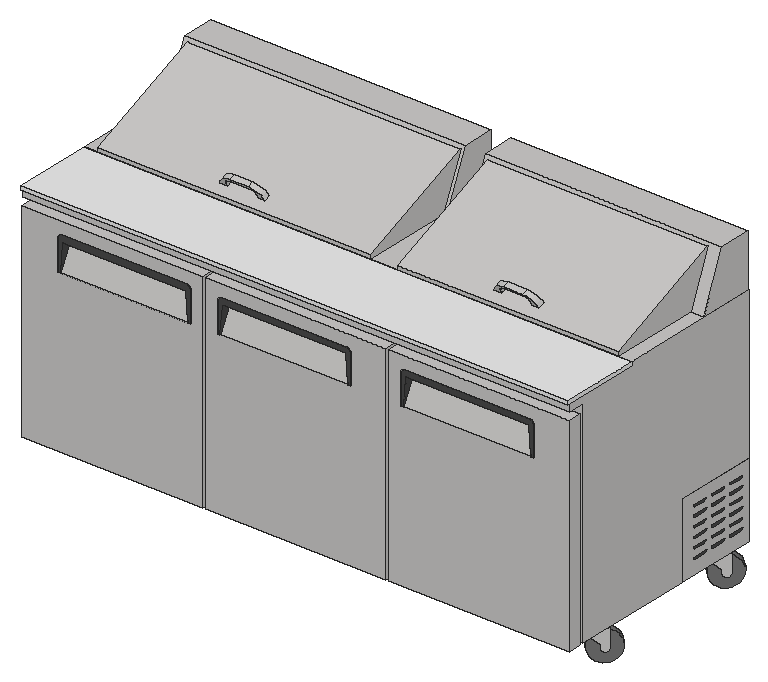
Revit family "QF_Turbo Air_MST-7266c24283-2388-4d87-8bd8-1544d90fe1c2", category Specialty Equipment, Revit 2012
Parameters
  Weight in Pounds = 374
  Watermarked By = "http://revitwatermark.com"
  Volts = 115 V
  URL Cutsheet = ""
  URL = "www.turboairinc.com"
  Status [instance] = ""
  Specification by User [instance] = ""
  Specification by Manufacturer [instance] = ""
  Serial Number [instance] = ""
  Revision Code [instance] = ""
  Phase = 1
  Number of Poles [instance] = 1
  NAFEM Spec ID Number [instance] = ""
  Model = "MST-72"
  Masterspec [instance] = ""
  Manufacturer = "Turbo Air"  # constant formula
  Legs [instance] = [6 inch Legs]  # no
  Item Number [instance] = "-"
  Installed By [instance] = ""
  HP = "1/2"
  Furnished By [instance] = ""
  Foodservice Equipment Identifier = yes
  FL Amps = 9.9 A
  Electrical Remarks [instance] = ""
  Electric Connection Type [instance] = ""
  Elec Conn RI Height [instance] = 0' - 0"
  Elec Conn Connection Height = 1' - 0"
  Description = "Sandwich/Salad Unit"
  Cycle = 60 Hz
  Conn Plug = "NEMA 5-15P"
  Casters [instance] = not(Legs)  # yes
  CasterLeg Height [instance] = if([4 inch Casters], 0' 5", if([5 inch Casters], 0' 5 3/4", if([2_5 inch Casters], 0' 3 3/8", 0' 6")))  # 0' - 5"
  CSI MasterFormat = "11 41 13"
  Assembly Code = "E1090320"
  Apparent Power = if(Phase = 3, Volts * FL Amps * 1.73, Volts * FL Amps)  # 1138.5 VA
  6 inch Legs [instance] = no
  5 inch Casters [instance] = no
  4 inch Casters [instance] = yes
  2_5 inch Casters [instance] = no
Reference planes (in)
  plane 1 "BACK": y = 0
  plane 2: z = 0
  plane 3 "LEFT": x = -20.78844
  plane 4 "Bottom": z = 5
  plane 5 "Back Stops": y = 1
  plane 6 "RIGHT": x = 51.83656
  plane 7 "Front of Lid": y = -19.375
  plane 8 "FRONT": y = -30
  plane 9 "Door Clearance": y = -51.75
  plane 10 "Back of Door": y = -27.875
  plane 11 "Front of Box": y = -27.375
  plane 12 "Counter Top": z = 35
  plane 13 "TOP": z = 42
  plane 14 "Top of Door": z = 32.5
  plane 15 "Bottom of Cutting Board": z = 34.5
  plane 16 "Lid Clearance": z = 45.5
  plane 17 "Left Lid Cover": x = -19.53844
  plane 18 "Right of Lid Cover": x = 50.58656
  plane 19 "Left of Lid": x = -19.03844
  plane 20 "Right of Lid": x = 50.08656
  plane 21: x = 3.21156
  plane 22: x = 27.83656
  plane 23: x = 27.52406
  plane 24: x = 3.52406
  plane 25: x = 17.21156
  plane 26: x = 17.71156
  plane 27: x = 20.83656
  plane 28: x = 20.33656
  plane 29: x = -0.91344
  plane 30: x = 35.46156
Forms (in)
  Extrusion 1, solid, material "QF_Finishes_Stainless Steel"
    sketch origin (-20.78844, 0, 0) x (0, 1, 0) y (0, 0, 1)
      loop
        line (0, 5) -> (0, 35) -> (-19.375, 35) -> (-19.375, 34.5) -> (-29.625, 34.5) -> (-29.625, 33.5) -> (-27.375, 33.5) -> (-27.375, 5) -> (0, 5)
    from 0 to 72.625
  Extrusion 2, solid, material "QF_Finishes_Black"
    sketch origin (0, -27.375, 0) x (1, 0, 0) y (0, 0, 1)
      loop
        line (-19.78844, 31.5) -> (-19.78844, 6) -> (2.21156, 6) -> (2.21156, 31.5) -> (-19.78844, 31.5)
      loop
        line (50.83656, 6) -> (50.83656, 31.5) -> (28.83656, 31.5) -> (28.83656, 6) -> (50.83656, 6)
      loop
        line (26.52406, 6) -> (26.52406, 31.5) -> (4.52406, 31.5) -> (4.52406, 6) -> (26.52406, 6)
    from 0 to 0.5
  Extrusion 3, solid, material "QF_Finishes_Stainless Steel"
    sketch origin (-19.53844, 0, 0) x (0, 1, 0) y (0, 0, 1)
      loop
        line (0, 35) -> (0, 42) -> (-4.25, 42) -> (-7.375, 35) -> (0, 35)
    from 0 to 37.25
  Extrusion 4, solid, material "QF_Finishes_White"
    sketch origin (0, 0, 34.5) x (0, 1, 0) y (-1, 0, 0)
      loop
        line (-19.375, 20.78844) -> (-30, 20.78844) -> (-30, -51.83656) -> (-19.375, -51.83656) -> (-19.375, 20.78844)
    from 0 to 0.5
  Extrusion 5, solid, material "QF_Finishes_Stainless Steel"
    sketch origin (-19.03844, 0, 0) x (0, 1, 0) y (0, 0, 1)
      loop
        line (-19.375, 35) -> (-7.375, 35) -> (-4.45383, 41.54343) -> (-19.375, 35.5) -> (-19.375, 35)
    from 0 to 36.25
  Extrusion 6, solid, material "QF_Finishes_Stainless Steel"
    sketch origin (-18.5, -2.56728, -1.00345) x (1, 0, 0) y (0, -0.375401, 0.926862)
      loop
        line (19.58656, 40.14331) -> (20.58656, 40.14331)
        arc (20.58656, 40.14331) -> (19.91185, 41.04872) -> (18.83656, 41.39331) r 1.85
        line (18.83656, 41.39331) -> (16.33656, 41.39331)
        arc (16.33656, 41.39331) -> (15.26127, 41.04872) -> (14.58656, 40.14331) r 1.85
        line (14.58656, 40.14331) -> (15.58656, 40.14331) -> (15.58656, 40.64331)
        arc (15.58656, 40.64331) -> (15.73301, 40.99687) -> (16.08656, 41.14331) r 0.5
        line (16.08656, 41.14331) -> (19.08656, 41.14331)
        arc (19.08656, 41.14331) -> (19.44011, 40.99687) -> (19.58656, 40.64331) r 0.5
        line (19.58656, 40.64331) -> (19.58656, 40.14331)
    from -0.375 to 0.375
  Extrusion 7, solid, material "QF_Finishes_Clearances", detail levels coarse
    sketch origin (-19.03844, 0, 0) x (0, 1, 0) y (0, 0, 1)
      loop
        arc (-9.375, 45.5) -> (-16.44607, 42.57107) -> (-19.375, 35.5) r 10
        line (-19.375, 35.5) -> (-4.45383, 41.54343) -> (-8.87792, 45.446) -> (-9.375, 45.5)
    from 0 to 36.25
  Extrusion 8, void
    sketch origin (51.83656, 0, 0) x (0, 1, 0) y (0, 0, 1)
      loop
        line (0, 5) -> (0, 15) -> (-11, 15) -> (-11, 5) -> (0, 5)
    from 0 to -1
  Extrusion 9, solid, material "QF_Finishes_Stainless Steel"
    sketch origin (51.83656, 0, 0) x (0, 1, 0) y (0, 0, 1)
      loop
        line (-10.875, 14.875) -> (-10.875, 5) -> (0, 5) -> (0, 14.875) -> (-10.875, 14.875)
      loop
        arc (-9.25, 13.5) -> (-9.10355, 13.14645) -> (-8.75, 13) r 0.5
        line (-8.75, 13) -> (-7.25, 13)
        arc (-7.25, 13) -> (-6.89645, 13.14645) -> (-6.75, 13.5) r 0.5
        line (-6.75, 13.5) -> (-9.25, 13.5)
      loop
        arc (-6.25, 13.5) -> (-6.10355, 13.14645) -> (-5.75, 13) r 0.5
        line (-5.75, 13) -> (-4.25, 13)
        arc (-4.25, 13) -> (-3.89645, 13.14645) -> (-3.75, 13.5) r 0.5
        line (-3.75, 13.5) -> (-6.25, 13.5)
      loop
        arc (-3.25, 13.5) -> (-3.10355, 13.14645) -> (-2.75, 13) r 0.5
        line (-2.75, 13) -> (-1.25, 13)
        arc (-1.25, 13) -> (-0.89645, 13.14645) -> (-0.75, 13.5) r 0.5
        line (-0.75, 13.5) -> (-3.25, 13.5)
      loop
        arc (-9.25, 12.25) -> (-9.10355, 11.89645) -> (-8.75, 11.75) r 0.5
        line (-8.75, 11.75) -> (-7.25, 11.75)
        arc (-7.25, 11.75) -> (-6.89645, 11.89645) -> (-6.75, 12.25) r 0.5
        line (-6.75, 12.25) -> (-9.25, 12.25)
      loop
        arc (-6.25, 12.25) -> (-6.10355, 11.89645) -> (-5.75, 11.75) r 0.5
        line (-5.75, 11.75) -> (-4.25, 11.75)
        arc (-4.25, 11.75) -> (-3.89645, 11.89645) -> (-3.75, 12.25) r 0.5
        line (-3.75, 12.25) -> (-6.25, 12.25)
      loop
        arc (-3.25, 12.25) -> (-3.10355, 11.89645) -> (-2.75, 11.75) r 0.5
        line (-2.75, 11.75) -> (-1.25, 11.75)
        arc (-1.25, 11.75) -> (-0.89645, 11.89645) -> (-0.75, 12.25) r 0.5
        line (-0.75, 12.25) -> (-3.25, 12.25)
      loop
        arc (-9.25, 11) -> (-9.10355, 10.64645) -> (-8.75, 10.5) r 0.5
        line (-8.75, 10.5) -> (-7.25, 10.5)
        arc (-7.25, 10.5) -> (-6.89645, 10.64645) -> (-6.75, 11) r 0.5
        line (-6.75, 11) -> (-9.25, 11)
      loop
        arc (-6.25, 11) -> (-6.10355, 10.64645) -> (-5.75, 10.5) r 0.5
        line (-5.75, 10.5) -> (-4.25, 10.5)
        arc (-4.25, 10.5) -> (-3.89645, 10.64645) -> (-3.75, 11) r 0.5
        line (-3.75, 11) -> (-6.25, 11)
      loop
        arc (-3.25, 11) -> (-3.10355, 10.64645) -> (-2.75, 10.5) r 0.5
        line (-2.75, 10.5) -> (-1.25, 10.5)
        arc (-1.25, 10.5) -> (-0.89645, 10.64645) -> (-0.75, 11) r 0.5
        line (-0.75, 11) -> (-3.25, 11)
      loop
        arc (-9.25, 9.75) -> (-9.10355, 9.39645) -> (-8.75, 9.25) r 0.5
        line (-8.75, 9.25) -> (-7.25, 9.25)
        arc (-7.25, 9.25) -> (-6.89645, 9.39645) -> (-6.75, 9.75) r 0.5
        line (-6.75, 9.75) -> (-9.25, 9.75)
      loop
        arc (-6.25, 9.75) -> (-6.10355, 9.39645) -> (-5.75, 9.25) r 0.5
        line (-5.75, 9.25) -> (-4.25, 9.25)
        arc (-4.25, 9.25) -> (-3.89645, 9.39645) -> (-3.75, 9.75) r 0.5
        line (-3.75, 9.75) -> (-6.25, 9.75)
      loop
        arc (-3.25, 9.75) -> (-3.10355, 9.39645) -> (-2.75, 9.25) r 0.5
        line (-2.75, 9.25) -> (-1.25, 9.25)
        arc (-1.25, 9.25) -> (-0.89645, 9.39645) -> (-0.75, 9.75) r 0.5
        line (-0.75, 9.75) -> (-3.25, 9.75)
      loop
        arc (-9.25, 8.5) -> (-9.10355, 8.14645) -> (-8.75, 8) r 0.5
        line (-8.75, 8) -> (-7.25, 8)
        arc (-7.25, 8) -> (-6.89645, 8.14645) -> (-6.75, 8.5) r 0.5
        line (-6.75, 8.5) -> (-9.25, 8.5)
      loop
        arc (-6.25, 8.5) -> (-6.10355, 8.14645) -> (-5.75, 8) r 0.5
        line (-5.75, 8) -> (-4.25, 8)
        arc (-4.25, 8) -> (-3.89645, 8.14645) -> (-3.75, 8.5) r 0.5
        line (-3.75, 8.5) -> (-6.25, 8.5)
      loop
        arc (-3.25, 8.5) -> (-3.10355, 8.14645) -> (-2.75, 8) r 0.5
        line (-2.75, 8) -> (-1.25, 8)
        arc (-1.25, 8) -> (-0.89645, 8.14645) -> (-0.75, 8.5) r 0.5
        line (-0.75, 8.5) -> (-3.25, 8.5)
      loop
        arc (-9.25, 7.25) -> (-9.10355, 6.89645) -> (-8.75, 6.75) r 0.5
        line (-8.75, 6.75) -> (-7.25, 6.75)
        arc (-7.25, 6.75) -> (-6.89645, 6.89645) -> (-6.75, 7.25) r 0.5
        line (-6.75, 7.25) -> (-9.25, 7.25)
      loop
        arc (-6.25, 7.25) -> (-6.10355, 6.89645) -> (-5.75, 6.75) r 0.5
        line (-5.75, 6.75) -> (-4.25, 6.75)
        arc (-4.25, 6.75) -> (-3.89645, 6.89645) -> (-3.75, 7.25) r 0.5
        line (-3.75, 7.25) -> (-6.25, 7.25)
      loop
        arc (-3.25, 7.25) -> (-3.10355, 6.89645) -> (-2.75, 6.75) r 0.5
        line (-2.75, 6.75) -> (-1.25, 6.75)
        arc (-1.25, 6.75) -> (-0.89645, 6.89645) -> (-0.75, 7.25) r 0.5
        line (-0.75, 7.25) -> (-3.25, 7.25)
    from 0 to -1
  Extrusion 10, solid, material "QF_Finishes_Black"
    sketch origin (51.83656, 0, 0) x (0, 1, 0) y (0, 0, 1)
      loop
        line (-9.875, 13.95221) -> (-9.875, 6.20221) -> (-0.375, 6.20221) -> (-0.375, 13.95221) -> (-9.875, 13.95221)
    from -0.125 to -1
  Extrusion 11, solid, material "QF_Finishes_Black"
    sketch origin (0, 0, 0) x (1, 0, 0) y (0, 0, 1)
      loop
        circle (-14.66344, 30.1875) r 0.5
      loop
        circle (45.71156, 30.1875) r 0.5
    from 0 to -1
  Extrusion 12, solid, material "QF_Finishes_Stainless Steel"
    sketch origin (0, 0, 0) x (1, 0, 0) y (0, 0, 1)
      loop
        circle (47.83656, 11.125) r 0.25
    from 0 to -0.0625
  Extrusion 13, solid, material "QF_Finishes_Stainless Steel"
    sketch origin (17.875, -2.56728, -1.00345) x (1, 0, 0) y (0, -0.375401, 0.926862)
      loop
        line (19.58656, 40.14331) -> (20.58656, 40.14331)
        arc (20.58656, 40.14331) -> (19.91185, 41.04872) -> (18.83656, 41.39331) r 1.85
        line (18.83656, 41.39331) -> (16.33656, 41.39331)
        arc (16.33656, 41.39331) -> (15.26127, 41.04872) -> (14.58656, 40.14331) r 1.85
        line (14.58656, 40.14331) -> (15.58656, 40.14331) -> (15.58656, 40.64331)
        arc (15.58656, 40.64331) -> (15.73301, 40.99687) -> (16.08656, 41.14331) r 0.5
        line (16.08656, 41.14331) -> (19.08656, 41.14331)
        arc (19.08656, 41.14331) -> (19.44011, 40.99687) -> (19.58656, 40.64331) r 0.5
        line (19.58656, 40.64331) -> (19.58656, 40.14331)
    from -0.375 to 0.375
  Extrusion 14, solid, material "QF_Finishes_Stainless Steel"
    sketch origin (50.58656, 0, 0) x (0, 1, 0) y (0, 0, 1)
      loop
        line (0, 35) -> (0, 42) -> (-4.25, 42) -> (-7.375, 35) -> (0, 35)
    from 1.18141 to -30.25
  Extrusion 15, solid, material "QF_Finishes_Stainless Steel"
    sketch origin (50.08656, 0, 0) x (0, 1, 0) y (0, 0, 1)
      loop
        line (-19.375, 35) -> (-7.375, 35) -> (-4.45383, 41.54343) -> (-19.375, 35.5) -> (-19.375, 35)
    from 0 to -29.25
  Extrusion 16, solid, material "QF_Finishes_Clearances", detail levels coarse
    sketch origin (50.08656, 0, 0) x (0, 1, 0) y (0, 0, 1)
      loop
        arc (-9.375, 45.5) -> (-16.44607, 42.57107) -> (-19.375, 35.5) r 10
        line (-19.375, 35.5) -> (-4.45383, 41.54343) -> (-8.87792, 45.446) -> (-9.375, 45.5)
    from 0 to -29.25
Cuts and joins
  Extrusion 8 cuts Extrusion 1
Lines and regions (in)
  symbolic lines
    curve 1: line (-20.78844, 0, 35) -> (51.83656, 0, 35)
    curve 2: line (-20.78844, -30, 35) -> (-20.78844, 0, 35)
    curve 3: line (51.83656, -30, 35) -> (-20.78844, -30, 35)
    curve 4: line (51.83656, 0, 35) -> (51.83656, -30, 35)
    curve 5: line (-20.78844, -19.375, 35) -> (51.83656, -19.375, 35)
    curve 6: line (45.83656, 1, 35) -> (46.83656, 1, 35)
    curve 7: line (-15.78844, 1, 35) -> (-14.78844, 1, 35)
    curve 8: line (-15.78844, 1, 35) -> (-15.78844, 0, 35)
    curve 9: line (-14.78844, 1, 35) -> (-14.78844, 0, 35)
    curve 10: line (45.83656, 1, 35) -> (45.83656, 0, 35)
    curve 11: line (46.83656, 1, 35) -> (46.83656, 0, 35)
    curve 12: line (-2.91344, -17.28956, 35) -> (-3.91344, -17.28956, 35)
    curve 13: line (-3.91344, -17.28956, 35) -> (-3.91344, -17.98471, 35)
    curve 14: line (-2.91344, -17.47726, 35) -> (-2.91344, -17.28956, 35)
    curve 15: line (0.33656, -18.45396, 35) -> (-2.16344, -18.45396, 35)
    curve 16: line (0.58656, -17.66496, 35) -> (-2.41344, -17.66496, 35)
    curve 17: line (1.08656, -17.28956, 35) -> (1.08656, -17.47726, 35)
    curve 18: line (2.08656, -17.28956, 35) -> (1.08656, -17.28956, 35)
    curve 19: line (2.08656, -17.98471, 35) -> (2.08656, -17.28956, 35)
    curve 20: spline (2.08656, -17.98471, 35) -> (2.0153, -18.0513, 35) -> (1.92612, -18.11477, 35) -> (1.81997, -18.17445, 35) -> (1.69798, -18.2297, 35) -> (1.56145, -18.27993, 35) -> (1.41185, -18.3246, 35) -> (1.25077, -18.36324, 35) -> (1.07992, -18.39543, 35) -> (0.90114, -18.42083, 35) -> (0.71633, -18.43917, 35) -> (0.52746, -18.45025, 35) -> (0.33656, -18.45396, 35)
    curve 21: spline (-2.41344, -17.66496, 35) -> (-2.4787, -17.66336, 35) -> (-2.54285, -17.65857, 35) -> (-2.60478, -17.65067, 35) -> (-2.66344, -17.63981, 35) -> (-2.71782, -17.62617, 35) -> (-2.76699, -17.60998, 35) -> (-2.81012, -17.59153, 35) -> (-2.84645, -17.57111, 35) -> (-2.87538, -17.54909, 35) -> (-2.8964, -17.52584, 35) -> (-2.90916, -17.50176, 35) -> (-2.91344, -17.47726, 35)
    curve 22: spline (1.08656, -17.47726, 35) -> (1.08228, -17.50176, 35) -> (1.06952, -17.52584, 35) -> (1.0485, -17.54909, 35) -> (1.01957, -17.57111, 35) -> (0.98324, -17.59153, 35) -> (0.94011, -17.60998, 35) -> (0.89094, -17.62617, 35) -> (0.83656, -17.63981, 35) -> (0.7779, -17.65067, 35) -> (0.71597, -17.65857, 35) -> (0.65182, -17.66336, 35) -> (0.58656, -17.66496, 35)
    curve 23: spline (-2.16344, -18.45396, 35) -> (-2.35434, -18.45025, 35) -> (-2.54321, -18.43917, 35) -> (-2.72802, -18.42083, 35) -> (-2.9068, -18.39543, 35) -> (-3.07765, -18.36324, 35) -> (-3.23873, -18.3246, 35) -> (-3.38833, -18.27993, 35) -> (-3.52486, -18.2297, 35) -> (-3.64685, -18.17445, 35) -> (-3.753, -18.11477, 35) -> (-3.84218, -18.0513, 35) -> (-3.91344, -17.98471, 35)
    curve 40: line (-19.53844, 0, 35) -> (-19.53844, -7.375, 35)
    curve 41: line (17.71156, -7.375, 35) -> (17.71156, 0, 35)
    curve 42: line (-19.53844, -4.25, 35) -> (17.71156, -4.25, 35)
    curve 43: line (-19.03844, -4.25, 35) -> (-19.03844, -19.375, 35)
    curve 44: line (17.21156, -19.375, 35) -> (17.21156, -4.25, 35)
    curve 45: line (17.21156, -7.375, 35) -> (17.71156, -7.375, 35)
    curve 46: line (-19.03844, -7.375, 35) -> (-19.53844, -7.375, 35)
    curve 149: line (33.46156, -17.28956, 35) -> (32.46156, -17.28956, 35)
    curve 150: line (32.46156, -17.28956, 35) -> (32.46156, -17.98471, 35)
    curve 151: line (33.46156, -17.47726, 35) -> (33.46156, -17.28956, 35)
    curve 152: line (36.71156, -18.45396, 35) -> (34.21156, -18.45396, 35)
    curve 153: line (36.96156, -17.66496, 35) -> (33.96156, -17.66496, 35)
    curve 154: line (37.46156, -17.28956, 35) -> (37.46156, -17.47726, 35)
    curve 155: line (38.46156, -17.28956, 35) -> (37.46156, -17.28956, 35)
    curve 156: line (38.46156, -17.98471, 35) -> (38.46156, -17.28956, 35)
    curve 157: spline (38.46156, -17.98471, 35) -> (38.3903, -18.0513, 35) -> (38.30112, -18.11477, 35) -> (38.19497, -18.17445, 35) -> (38.07298, -18.2297, 35) -> (37.93645, -18.27993, 35) -> (37.78685, -18.3246, 35) -> (37.62577, -18.36324, 35) -> (37.45492, -18.39543, 35) -> (37.27614, -18.42083, 35) -> (37.09133, -18.43917, 35) -> (36.90246, -18.45025, 35) -> (36.71156, -18.45396, 35)
    curve 158: spline (33.96156, -17.66496, 35) -> (33.8963, -17.66336, 35) -> (33.83215, -17.65857, 35) -> (33.77022, -17.65067, 35) -> (33.71156, -17.63981, 35) -> (33.65718, -17.62617, 35) -> (33.60801, -17.60998, 35) -> (33.56488, -17.59153, 35) -> (33.52855, -17.57111, 35) -> (33.49962, -17.54909, 35) -> (33.4786, -17.52584, 35) -> (33.46584, -17.50176, 35) -> (33.46156, -17.47726, 35)
    curve 159: spline (37.46156, -17.47726, 35) -> (37.45728, -17.50176, 35) -> (37.44452, -17.52584, 35) -> (37.4235, -17.54909, 35) -> (37.39457, -17.57111, 35) -> (37.35824, -17.59153, 35) -> (37.31511, -17.60998, 35) -> (37.26594, -17.62617, 35) -> (37.21156, -17.63981, 35) -> (37.1529, -17.65067, 35) -> (37.09097, -17.65857, 35) -> (37.02682, -17.66336, 35) -> (36.96156, -17.66496, 35)
    curve 160: spline (34.21156, -18.45396, 35) -> (34.02066, -18.45025, 35) -> (33.83179, -18.43917, 35) -> (33.64698, -18.42083, 35) -> (33.4682, -18.39543, 35) -> (33.29735, -18.36324, 35) -> (33.13627, -18.3246, 35) -> (32.98667, -18.27993, 35) -> (32.85014, -18.2297, 35) -> (32.72815, -18.17445, 35) -> (32.622, -18.11477, 35) -> (32.53282, -18.0513, 35) -> (32.46156, -17.98471, 35)
    curve 161: line (17.21156, -4.25, 35) -> (17.21156, -19.375, 35)
  symbolic lines, style "QF_Surface Details"
    curve 24: line (8.96156, -10.41441, 35) -> (8.96156, -6.42258, 35)
    curve 25: line (2.96156, -10.41441, 35) -> (2.96156, -6.42258, 35)
    curve 26: line (3.96156, -5.42258, 35) -> (7.96156, -5.42258, 35)
    curve 27: line (3.96156, -11.41441, 35) -> (7.96156, -11.41441, 35)
    curve 28: arc (7.96156, -5.42258, 35) -> (8.66867, -5.71547, 35) -> (8.96156, -6.42258, 35) r 1
    curve 29: arc (3.96156, -5.42258, 35) -> (3.25445, -5.71547, 35) -> (2.96156, -6.42258, 35) r 1
    curve 30: arc (2.96156, -10.41441, 35) -> (3.25445, -11.12152, 35) -> (3.96156, -11.41441, 35) r 1
    curve 31: arc (7.96156, -11.41441, 35) -> (8.66867, -11.12152, 35) -> (8.96156, -10.41441, 35) r 1
    curve 32: line (8.96156, -13.41441, 35) -> (8.96156, -17.40625, 35)
    curve 33: line (2.96156, -13.41441, 35) -> (2.96156, -17.40625, 35)
    curve 34: line (3.96156, -18.40625, 35) -> (7.96156, -18.40625, 35)
    curve 35: line (3.96156, -12.41441, 35) -> (7.96156, -12.41441, 35)
    curve 36: arc (7.96156, -18.40625, 35) -> (8.66867, -18.11336, 35) -> (8.96156, -17.40625, 35) r 1
    curve 37: arc (3.96156, -18.40625, 35) -> (3.25445, -18.11336, 35) -> (2.96156, -17.40625, 35) r 1
    curve 38: arc (2.96156, -13.41441, 35) -> (3.25445, -12.70731, 35) -> (3.96156, -12.41441, 35) r 1
    curve 39: arc (7.96156, -12.41441, 35) -> (8.66867, -12.70731, 35) -> (8.96156, -13.41441, 35) r 1
    curve 47: line (2.21156, -10.41441, 35) -> (2.21156, -6.42258, 35)
    curve 48: line (-3.78844, -10.41441, 35) -> (-3.78844, -6.42258, 35)
    curve 49: line (-2.78844, -5.42258, 35) -> (1.21156, -5.42258, 35)
    curve 50: line (-2.78844, -11.41441, 35) -> (1.21156, -11.41441, 35)
    curve 51: arc (1.21156, -5.42258, 35) -> (1.91867, -5.71547, 35) -> (2.21156, -6.42258, 35) r 1
    curve 52: arc (-2.78844, -5.42258, 35) -> (-3.49555, -5.71547, 35) -> (-3.78844, -6.42258, 35) r 1
    curve 53: arc (-3.78844, -10.41441, 35) -> (-3.49555, -11.12152, 35) -> (-2.78844, -11.41441, 35) r 1
    curve 54: arc (1.21156, -11.41441, 35) -> (1.91867, -11.12152, 35) -> (2.21156, -10.41441, 35) r 1
    curve 55: line (2.21156, -13.41441, 35) -> (2.21156, -17.40625, 35)
    curve 56: line (-3.78844, -13.41441, 35) -> (-3.78844, -17.40625, 35)
    curve 57: line (-2.78844, -18.40625, 35) -> (1.21156, -18.40625, 35)
    curve 58: line (-2.78844, -12.41441, 35) -> (1.21156, -12.41441, 35)
    curve 59: arc (1.21156, -18.40625, 35) -> (1.91867, -18.11336, 35) -> (2.21156, -17.40625, 35) r 1
    curve 60: arc (-2.78844, -18.40625, 35) -> (-3.49555, -18.11336, 35) -> (-3.78844, -17.40625, 35) r 1
    curve 61: arc (-3.78844, -13.41441, 35) -> (-3.49555, -12.70731, 35) -> (-2.78844, -12.41441, 35) r 1
    curve 62: arc (1.21156, -12.41441, 35) -> (1.91867, -12.70731, 35) -> (2.21156, -13.41441, 35) r 1
    curve 63: line (-4.53844, -10.41441, 35) -> (-4.53844, -6.42258, 35)
    curve 64: line (-10.53844, -10.41441, 35) -> (-10.53844, -6.42258, 35)
    curve 65: line (-9.53844, -5.42258, 35) -> (-5.53844, -5.42258, 35)
    curve 66: line (-9.53844, -11.41441, 35) -> (-5.53844, -11.41441, 35)
    curve 67: arc (-5.53844, -5.42258, 35) -> (-4.83133, -5.71547, 35) -> (-4.53844, -6.42258, 35) r 1
    curve 68: arc (-9.53844, -5.42258, 35) -> (-10.24555, -5.71547, 35) -> (-10.53844, -6.42258, 35) r 1
    curve 69: arc (-10.53844, -10.41441, 35) -> (-10.24555, -11.12152, 35) -> (-9.53844, -11.41441, 35) r 1
    curve 70: arc (-5.53844, -11.41441, 35) -> (-4.83133, -11.12152, 35) -> (-4.53844, -10.41441, 35) r 1
    curve 71: line (-4.53844, -13.41441, 35) -> (-4.53844, -17.40625, 35)
    curve 72: line (-10.53844, -13.41441, 35) -> (-10.53844, -17.40625, 35)
    curve 73: line (-9.53844, -18.40625, 35) -> (-5.53844, -18.40625, 35)
    curve 74: line (-9.53844, -12.41441, 35) -> (-5.53844, -12.41441, 35)
    curve 75: arc (-5.53844, -18.40625, 35) -> (-4.83133, -18.11336, 35) -> (-4.53844, -17.40625, 35) r 1
    curve 76: arc (-9.53844, -18.40625, 35) -> (-10.24555, -18.11336, 35) -> (-10.53844, -17.40625, 35) r 1
    curve 77: arc (-10.53844, -13.41441, 35) -> (-10.24555, -12.70731, 35) -> (-9.53844, -12.41441, 35) r 1
    curve 78: arc (-5.53844, -12.41441, 35) -> (-4.83133, -12.70731, 35) -> (-4.53844, -13.41441, 35) r 1
    curve 79: line (-11.28844, -10.41441, 35) -> (-11.28844, -6.42258, 35)
    curve 80: line (-17.16344, -10.41441, 35) -> (-17.16344, -6.42258, 35)
    curve 81: line (-16.16344, -5.42258, 35) -> (-12.28844, -5.42258, 35)
    curve 82: line (-16.16344, -11.41441, 35) -> (-12.28844, -11.41441, 35)
    curve 83: arc (-12.28844, -5.42258, 35) -> (-11.58133, -5.71547, 35) -> (-11.28844, -6.42258, 35) r 1
    curve 84: arc (-16.16344, -5.42258, 35) -> (-16.87055, -5.71547, 35) -> (-17.16344, -6.42258, 35) r 1
    curve 85: arc (-17.16344, -10.41441, 35) -> (-16.87055, -11.12152, 35) -> (-16.16344, -11.41441, 35) r 1
    curve 86: arc (-12.28844, -11.41441, 35) -> (-11.58133, -11.12152, 35) -> (-11.28844, -10.41441, 35) r 1
    curve 87: line (-11.28844, -13.41441, 35) -> (-11.28844, -17.40625, 35)
    curve 88: line (-17.16344, -13.41441, 35) -> (-17.16344, -17.40625, 35)
    curve 89: line (-16.16344, -18.40625, 35) -> (-12.28844, -18.40625, 35)
    curve 90: line (-16.16344, -12.41441, 35) -> (-12.28844, -12.41441, 35)
    curve 91: arc (-12.28844, -18.40625, 35) -> (-11.58133, -18.11336, 35) -> (-11.28844, -17.40625, 35) r 1
    curve 92: arc (-16.16344, -18.40625, 35) -> (-16.87055, -18.11336, 35) -> (-17.16344, -17.40625, 35) r 1
    curve 93: arc (-17.16344, -13.41441, 35) -> (-16.87055, -12.70731, 35) -> (-16.16344, -12.41441, 35) r 1
    curve 94: arc (-12.28844, -12.41441, 35) -> (-11.58133, -12.70731, 35) -> (-11.28844, -13.41441, 35) r 1
    curve 95: line (29.21156, -10.41441, 35) -> (29.21156, -6.42258, 35)
    curve 96: line (35.08656, -10.41441, 35) -> (35.08656, -6.42258, 35)
    curve 97: line (34.08656, -5.42258, 35) -> (30.21156, -5.42258, 35)
    curve 98: line (34.08656, -11.41441, 35) -> (30.21156, -11.41441, 35)
    curve 99: arc (30.21156, -5.42258, 35) -> (29.50445, -5.71547, 35) -> (29.21156, -6.42258, 35) r 1
    curve 100: arc (34.08656, -5.42258, 35) -> (34.79367, -5.71547, 35) -> (35.08656, -6.42258, 35) r 1
    curve 101: arc (35.08656, -10.41441, 35) -> (34.79367, -11.12152, 35) -> (34.08656, -11.41441, 35) r 1
    curve 102: arc (30.21156, -11.41441, 35) -> (29.50445, -11.12152, 35) -> (29.21156, -10.41441, 35) r 1
    curve 103: line (29.21156, -13.41441, 35) -> (29.21156, -17.40625, 35)
    curve 104: line (35.08656, -13.41441, 35) -> (35.08656, -17.40625, 35)
    curve 105: line (34.08656, -18.40625, 35) -> (30.21156, -18.40625, 35)
    curve 106: line (34.08656, -12.41441, 35) -> (30.21156, -12.41441, 35)
    curve 107: arc (30.21156, -18.40625, 35) -> (29.50445, -18.11336, 35) -> (29.21156, -17.40625, 35) r 1
    curve 108: arc (34.08656, -18.40625, 35) -> (34.79367, -18.11336, 35) -> (35.08656, -17.40625, 35) r 1
    curve 109: arc (35.08656, -13.41441, 35) -> (34.79367, -12.70731, 35) -> (34.08656, -12.41441, 35) r 1
    curve 110: arc (30.21156, -12.41441, 35) -> (29.50445, -12.70731, 35) -> (29.21156, -13.41441, 35) r 1
    curve 111: line (35.83656, -10.41441, 35) -> (35.83656, -6.42258, 35)
    curve 112: line (41.83656, -10.41441, 35) -> (41.83656, -6.42258, 35)
    curve 113: line (40.83656, -5.42258, 35) -> (36.83656, -5.42258, 35)
    curve 114: line (40.83656, -11.41441, 35) -> (36.83656, -11.41441, 35)
    curve 115: arc (36.83656, -5.42258, 35) -> (36.12945, -5.71547, 35) -> (35.83656, -6.42258, 35) r 1
    curve 116: arc (40.83656, -5.42258, 35) -> (41.54367, -5.71547, 35) -> (41.83656, -6.42258, 35) r 1
    curve 117: arc (41.83656, -10.41441, 35) -> (41.54367, -11.12152, 35) -> (40.83656, -11.41441, 35) r 1
    curve 118: arc (36.83656, -11.41441, 35) -> (36.12945, -11.12152, 35) -> (35.83656, -10.41441, 35) r 1
    curve 119: line (35.83656, -13.41441, 35) -> (35.83656, -17.40625, 35)
    curve 120: line (41.83656, -13.41441, 35) -> (41.83656, -17.40625, 35)
    curve 121: line (40.83656, -18.40625, 35) -> (36.83656, -18.40625, 35)
    curve 122: line (40.83656, -12.41441, 35) -> (36.83656, -12.41441, 35)
    curve 123: arc (36.83656, -18.40625, 35) -> (36.12945, -18.11336, 35) -> (35.83656, -17.40625, 35) r 1
    curve 124: arc (40.83656, -18.40625, 35) -> (41.54367, -18.11336, 35) -> (41.83656, -17.40625, 35) r 1
    curve 125: arc (41.83656, -13.41441, 35) -> (41.54367, -12.70731, 35) -> (40.83656, -12.41441, 35) r 1
    curve 126: arc (36.83656, -12.41441, 35) -> (36.12945, -12.70731, 35) -> (35.83656, -13.41441, 35) r 1
    curve 127: line (42.58656, -10.41441, 35) -> (42.58656, -6.42258, 35)
    curve 128: line (48.58656, -10.41441, 35) -> (48.58656, -6.42258, 35)
    curve 129: line (47.58656, -5.42258, 35) -> (43.58656, -5.42258, 35)
    curve 130: line (47.58656, -11.41441, 35) -> (43.58656, -11.41441, 35)
    curve 131: arc (43.58656, -5.42258, 35) -> (42.87945, -5.71547, 35) -> (42.58656, -6.42258, 35) r 1
    curve 132: arc (47.58656, -5.42258, 35) -> (48.29367, -5.71547, 35) -> (48.58656, -6.42258, 35) r 1
    curve 133: arc (48.58656, -10.41441, 35) -> (48.29367, -11.12152, 35) -> (47.58656, -11.41441, 35) r 1
    curve 134: arc (43.58656, -11.41441, 35) -> (42.87945, -11.12152, 35) -> (42.58656, -10.41441, 35) r 1
    curve 135: line (42.58656, -13.41441, 35) -> (42.58656, -17.40625, 35)
    curve 136: line (48.58656, -13.41441, 35) -> (48.58656, -17.40625, 35)
    curve 137: line (47.58656, -18.40625, 35) -> (43.58656, -18.40625, 35)
    curve 138: line (47.58656, -12.41441, 35) -> (43.58656, -12.41441, 35)
    curve 139: arc (43.58656, -18.40625, 35) -> (42.87945, -18.11336, 35) -> (42.58656, -17.40625, 35) r 1
    curve 140: arc (47.58656, -18.40625, 35) -> (48.29367, -18.11336, 35) -> (48.58656, -17.40625, 35) r 1
    curve 141: arc (48.58656, -13.41441, 35) -> (48.29367, -12.70731, 35) -> (47.58656, -12.41441, 35) r 1
    curve 142: arc (43.58656, -12.41441, 35) -> (42.87945, -12.70731, 35) -> (42.58656, -13.41441, 35) r 1
    curve 162: line (15.71156, -10.41441, 35) -> (15.71156, -6.42258, 35)
    curve 163: line (9.71156, -10.41441, 35) -> (9.71156, -6.42258, 35)
    curve 164: line (10.71156, -5.42258, 35) -> (14.71156, -5.42258, 35)
    curve 165: line (10.71156, -11.41441, 35) -> (14.71156, -11.41441, 35)
    curve 166: arc (14.71156, -5.42258, 35) -> (15.41867, -5.71547, 35) -> (15.71156, -6.42258, 35) r 1
    curve 167: arc (10.71156, -5.42258, 35) -> (10.00445, -5.71547, 35) -> (9.71156, -6.42258, 35) r 1
    curve 168: arc (9.71156, -10.41441, 35) -> (10.00445, -11.12152, 35) -> (10.71156, -11.41441, 35) r 1
    curve 169: arc (14.71156, -11.41441, 35) -> (15.41867, -11.12152, 35) -> (15.71156, -10.41441, 35) r 1
    curve 170: line (15.71156, -13.41441, 35) -> (15.71156, -17.40625, 35)
    curve 171: line (9.71156, -13.41441, 35) -> (9.71156, -17.40625, 35)
    curve 172: line (10.71156, -18.40625, 35) -> (14.71156, -18.40625, 35)
    curve 173: line (10.71156, -12.41441, 35) -> (14.71156, -12.41441, 35)
    curve 174: arc (14.71156, -18.40625, 35) -> (15.41867, -18.11336, 35) -> (15.71156, -17.40625, 35) r 1
    curve 175: arc (10.71156, -18.40625, 35) -> (10.00445, -18.11336, 35) -> (9.71156, -17.40625, 35) r 1
    curve 176: arc (9.71156, -13.41441, 35) -> (10.00445, -12.70731, 35) -> (10.71156, -12.41441, 35) r 1
    curve 177: arc (14.71156, -12.41441, 35) -> (15.41867, -12.70731, 35) -> (15.71156, -13.41441, 35) r 1
    curve 178: line (28.33656, -10.41441, 35) -> (28.33656, -6.42258, 35)
    curve 179: line (22.33656, -10.41441, 35) -> (22.33656, -6.42258, 35)
    curve 180: line (23.33656, -5.42258, 35) -> (27.33656, -5.42258, 35)
    curve 181: line (23.33656, -11.41441, 35) -> (27.33656, -11.41441, 35)
    curve 182: arc (27.33656, -5.42258, 35) -> (28.04367, -5.71547, 35) -> (28.33656, -6.42258, 35) r 1
    curve 183: arc (23.33656, -5.42258, 35) -> (22.62945, -5.71547, 35) -> (22.33656, -6.42258, 35) r 1
    curve 184: arc (22.33656, -10.41441, 35) -> (22.62945, -11.12152, 35) -> (23.33656, -11.41441, 35) r 1
    curve 185: arc (27.33656, -11.41441, 35) -> (28.04367, -11.12152, 35) -> (28.33656, -10.41441, 35) r 1
    curve 186: line (28.33656, -13.41441, 35) -> (28.33656, -17.40625, 35)
    curve 187: line (22.33656, -13.41441, 35) -> (22.33656, -17.40625, 35)
    curve 188: line (23.33656, -18.40625, 35) -> (27.33656, -18.40625, 35)
    curve 189: line (23.33656, -12.41441, 35) -> (27.33656, -12.41441, 35)
    curve 190: arc (27.33656, -18.40625, 35) -> (28.04367, -18.11336, 35) -> (28.33656, -17.40625, 35) r 1
    curve 191: arc (23.33656, -18.40625, 35) -> (22.62945, -18.11336, 35) -> (22.33656, -17.40625, 35) r 1
    curve 192: arc (22.33656, -13.41441, 35) -> (22.62945, -12.70731, 35) -> (23.33656, -12.41441, 35) r 1
    curve 193: arc (27.33656, -12.41441, 35) -> (28.04367, -12.70731, 35) -> (28.33656, -13.41441, 35) r 1
  symbolic lines, style "QF_Clearances", detail levels coarse
    curve 143: line (-20.78844, -30, 35) -> (-20.78844, -51.75, 35)
    curve 144: arc (-20.78844, -51.75, 35) -> (-4.63295, -45.49824, 35) -> (3.10586, -30, 35) r 24
    curve 145: line (27.52406, -30, 35) -> (27.52406, -51.75, 35)
    curve 146: arc (27.52406, -51.75, 35) -> (11.36857, -45.49824, 35) -> (3.62976, -30, 35) r 24
    curve 147: line (51.83656, -30, 35) -> (51.83656, -51.75, 35)
    curve 148: arc (51.83656, -51.75, 35) -> (35.68107, -45.49824, 35) -> (27.94226, -30, 35) r 24
Dimensions and locks (in)
  "CasterLeg Height": plane 4 "Bottom" to plane 2
  locked: plane 1 "BACK" to plane 5 "Back Stops" at 1
  plane 6 "RIGHT" to plane 3 "LEFT" = 6' - 0 5/8"
  locked: plane 7 "Front of Lid" to plane 1 "BACK" at 19.375
  locked: plane 8 "FRONT" to plane 1 "BACK" at 30
  locked: plane 10 "Back of Door" to plane 1 "BACK" at 27.875
  locked: plane 10 "Back of Door" to plane 11 "Front of Box" at 0.5
  locked: plane 9 "Door Clearance" to plane 1 "BACK" at 51.75
  locked: plane 13 "TOP" to plane 12 "Counter Top" at 7
  locked: plane 12 "Counter Top" to plane 4 "Bottom" at 30
  locked: plane 12 "Counter Top" to plane 15 "Bottom of Cutting Board" at 0.5
  locked: plane 14 "Top of Door" to plane 4 "Bottom" at 27.5
  locked: plane 14 "Top of Door" to Extrusion 2 sketch curve at 1  (x3)
  locked: Extrusion 2 sketch curve to plane 3 "LEFT" at 1
  locked: Extrusion 2 sketch curve to plane 4 "Bottom" at 1  (x2)
  locked: Extrusion 2 sketch curve to plane 6 "RIGHT" at 1
  locked: plane 1 "BACK" to Extrusion 3 sketch curve at 4.25
  locked: plane 1 "BACK" to Extrusion 3 sketch curve at 7.375
  locked: plane 16 "Lid Clearance" to plane 12 "Counter Top" at 10.5
  locked: Extrusion 5 sketch curve to plane 12 "Counter Top" at 0.5
  locked: plane 13 "TOP" to Extrusion 5 sketch curve at 0.45657
  locked: plane 1 "BACK" to Extrusion 5 sketch curve at 4.45383
  locked: plane 1 "BACK" to Extrusion 5 sketch curve at 7.375
  locked: Extrusion 6 to plane 12 "Counter Top" at 2.22168
  locked: Extrusion 6 to plane 12 "Counter Top" at 2.50323
  locked: plane 13 "TOP" to Extrusion 7 sketch curve at 0.45657
  locked: plane 16 "Lid Clearance" to Extrusion 7 sketch curve at 0.054
  locked: Extrusion 8 sketch curve to plane 1 "BACK" at 11
  locked: Extrusion 8 sketch curve to plane 4 "Bottom" at 10
  locked: plane 4 "Bottom" to Extrusion 9 sketch curve at 9.875
  locked: Extrusion 9 sketch curve to plane 1 "BACK" at 10.875
  locked: Extrusion 10 sketch curve to Extrusion 10 sketch curve at 7.75
  locked: Extrusion 10 sketch curve to plane 4 "Bottom" at 1.20221
  locked: Extrusion 10 sketch curve to Extrusion 10 sketch curve at 9.5
  locked: Extrusion 10 sketch curve to plane 1 "BACK" at 0.375
  locked: nested 1 to plane 1 "BACK" at 2.5625
  locked: plane 3 "LEFT" to nested 1 at 2.5
  locked: plane 3 "LEFT" to nested 2 at 2.5
  locked: plane 11 "Front of Box" to nested 2 at 4.625
  locked: nested 3 to plane 6 "RIGHT" at 2.5
  locked: nested 4 to plane 6 "RIGHT" at 2.5
  locked: plane 11 "Front of Box" to nested 4 at 4.625
  locked: nested 3 to plane 1 "BACK" at 2.5625
  locked: plane 12 "Counter Top" to Extrusion 11 sketch curve at 4.8125  (x2)
  locked: plane 6 "RIGHT" to Extrusion 11 sketch curve at 6.125
  locked: Extrusion 11 sketch curve to plane 3 "LEFT" at 6.125
  locked: Extrusion 12 sketch curve to plane 4 "Bottom" at 6.125
  locked: plane 6 "RIGHT" to Extrusion 12 sketch curve at 4
  locked: Extrusion 1 sketch curve to plane 15 "Bottom of Cutting Board" at 1
  locked: Extrusion 1 sketch curve to plane 8 "FRONT" at 0.375
  locked: plane 17 "Left Lid Cover" to plane 19 "Left of Lid" at 0.5
  locked: plane 20 "Right of Lid" to plane 18 "Right of Lid Cover" at 0.5
  locked: plane 3 "LEFT" to plane 17 "Left Lid Cover" at 1.25
  locked: plane 18 "Right of Lid Cover" to plane 6 "RIGHT" at 1.25
  plane 3 "LEFT" to plane 21 = 2' - 0"
  plane 22 to plane 6 "RIGHT" = 2' - 0"
  locked: plane 21 to plane 24 at 0.3125
  locked: plane 23 to plane 22 at 0.3125
  locked: plane 19 "Left of Lid" to plane 25 at 36.25
  locked: plane 25 to plane 26 at 0.5
  locked: plane 27 to plane 20 "Right of Lid" at 29.25
  locked: plane 28 to plane 27 at 0.5
  equal spacing: plane 19 "Left of Lid", plane 29, plane 25
  equal spacing: plane 27, plane 30, plane 20 "Right of Lid"
  locked: Extrusion 13 to plane 12 "Counter Top" at 2.22168
  locked: Extrusion 13 to plane 12 "Counter Top" at 2.50323
  aligned and locked: level to plane 2
  aligned and locked: Extrusion 1 sketch curve to plane 1 "BACK"
  aligned and locked: Extrusion 1 sketch curve to plane 4 "Bottom"
  aligned and locked: plane 11 "Front of Box" to Extrusion 1 sketch curve
  aligned and locked: plane 6 "RIGHT" to Extrusion 1
  aligned and locked: plane 10 "Back of Door" to Extrusion 2
  aligned and locked: Extrusion 1 sketch curve to plane 12 "Counter Top"
  aligned and locked: Extrusion 3 sketch curve to plane 13 "TOP"
  aligned and locked: plane 1 "BACK" to Extrusion 3 sketch curve
  aligned and locked: Extrusion 3 sketch curve to plane 12 "Counter Top"
  aligned and locked: plane 7 "Front of Lid" to Extrusion 4 sketch curve
  aligned and locked: plane 3 "LEFT" to Extrusion 4 sketch curve
  aligned and locked: Extrusion 4 sketch curve to plane 8 "FRONT"
  aligned and locked: Extrusion 4 sketch curve to plane 6 "RIGHT"
  aligned and locked: plane 12 "Counter Top" to Extrusion 4
  aligned and locked: plane 12 "Counter Top" to Extrusion 5 sketch curve
  aligned and locked: plane 7 "Front of Lid" to Extrusion 5 sketch curve
  aligned and locked: Extrusion 6 to Extrusion 5
  aligned and locked: plane 7 "Front of Lid" to Extrusion 7 sketch curve
  aligned and locked: plane 16 "Lid Clearance" to Extrusion 7 sketch curve
  aligned and locked: Extrusion 8 sketch curve to plane 1 "BACK"
  aligned and locked: Extrusion 8 sketch curve to plane 4 "Bottom"
  aligned and locked: Extrusion 11 to plane 5 "Back Stops"
  aligned and locked: plane 1 "BACK" to curve 1
  aligned and locked: curve 4 to plane 6 "RIGHT"
  aligned and locked: plane 3 "LEFT" to curve 2
  aligned and locked: curve 3 to plane 8 "FRONT"
  aligned and locked: curve 6 to Extrusion 11
  aligned and locked: curve 7 to Extrusion 11
  aligned and locked: curve 12 to Extrusion 6
  aligned and locked: curve 13 to Extrusion 6
  aligned and locked: Extrusion 6 to curve 14
  aligned and locked: curve 15 to Extrusion 6
  aligned and locked: curve 16 to Extrusion 6
  aligned and locked: curve 17 to Extrusion 6
  aligned and locked: curve 18 to Extrusion 6
  aligned and locked: curve 19 to Extrusion 6
  aligned and locked: Extrusion 1 sketch curve to plane 7 "Front of Lid"
  aligned and locked: plane 15 "Bottom of Cutting Board" to Extrusion 1 sketch curve
  aligned and locked: curve 40 to Extrusion 3
  aligned and locked: Extrusion 3 to curve 41
  aligned and locked: curve 42 to Extrusion 3
  aligned and locked: curve 43 to Extrusion 7
  aligned and locked: curve 44 to Extrusion 7
  aligned and locked: cut or joined group of Extrusion 1, Extrusion 8 to plane 4 "Bottom"
  aligned and locked: curve 149 to Extrusion 13
  aligned and locked: curve 150 to Extrusion 13
  aligned and locked: Extrusion 13 to curve 151
  aligned and locked: curve 152 to Extrusion 13
  aligned and locked: curve 153 to Extrusion 13
  aligned and locked: curve 154 to Extrusion 13
  aligned and locked: curve 155 to Extrusion 13
  aligned and locked: curve 156 to Extrusion 13
  aligned and locked: plane 25 to Extrusion 5
  aligned and locked: plane 26 to Extrusion 3
  aligned and locked: Extrusion 14 to plane 28
  aligned and locked: Extrusion 15 to plane 27
  aligned and locked: plane 25 to Extrusion 7
  aligned and locked: Extrusion 16 to plane 27
  aligned and locked: Extrusion 13 to Extrusion 15
  aligned and locked: nested 5 to plane 4 "Bottom"
  aligned and locked: plane 4 "Bottom" to nested 6
  aligned and locked: plane 4 "Bottom" to nested 7
Automatic sketch dimensions
  Extrusion 2 sketch curve to plane 21 = 0' - 1"
  plane 24 to Extrusion 2 sketch curve = 0' - 1"
  Extrusion 2 sketch curve to plane 23 = 0' - 1"
  plane 22 to Extrusion 2 sketch curve = 0' - 1"
  plane 4 "Bottom" to Extrusion 2 sketch curve = 0' - 1"
  Extrusion 6 sketch curve to plane 29 = 0' - 3"
  Extrusion 6 sketch curve to Extrusion 6 sketch curve = 0' - 1"  (x2)
  Extrusion 6 sketch curve to Extrusion 6 sketch curve = 0' - 0 1/2"  (x3)
  Extrusion 6 sketch curve to Extrusion 6 sketch curve = 0' - 0 3/4"
  plane 29 to Extrusion 6 sketch curve = 0' - 1 1/4"
  Extrusion 6 sketch curve to Extrusion 6 sketch curve = 0' - 0 1/4"
  Extrusion 6 sketch curve to Extrusion 6 sketch curve = 0' - 0"
  Extrusion 6 sketch curve to Extrusion 6 sketch curve = 0' - 0.6"
  plane 1 "BACK" to Extrusion 7 sketch curve = 0' - 9 3/8"
  Extrusion 7 sketch curve to Extrusion 7 sketch curve = 0' - 0.49708"
  plane 1 "BACK" to Extrusion 7 sketch curve = 0' - 4.45383"
  Extrusion 9 sketch curve to plane 1 "BACK" = 0' - 0"
  Extrusion 9 sketch curve to plane 4 "Bottom" = 0' - 0"
  Extrusion 9 sketch curve to Extrusion 9 sketch curve = 0' - 1 5/8"  (x2)
  Extrusion 9 sketch curve to Extrusion 9 sketch curve = 0' - 0"  (x14)
  Extrusion 9 sketch curve to Extrusion 9 sketch curve = 0' - 0 1/2"  (x31)
  Extrusion 9 sketch curve to Extrusion 9 sketch curve = 0' - 1 1/2"  (x5)
  plane 1 "BACK" to Extrusion 9 sketch curve = 0' - 1 1/4"  (x3)
  plane 4 "Bottom" to Extrusion 9 sketch curve = 0' - 1 3/4"  (x2)
  Extrusion 9 sketch curve to Extrusion 9 sketch curve = 0' - 0 3/4"  (x15)
  plane 9 "Door Clearance" to curve 145 = 0' - 0"
  plane 9 "Door Clearance" to curve 144 = 0' - 0"
  plane 9 "Door Clearance" to curve 147 = 0' - 0"
  curve 146 to plane 23 = 0' - 0"
  plane 7 "Front of Lid" to curve 43 = 0' - 0"
  curve 45 to plane 25 = 0' - 0"
  curve 148 to plane 10 "Back of Door" = 0' - 0 1/8"
  curve 146 to plane 10 "Back of Door" = 0' - 0 1/8"
  curve 144 to plane 10 "Back of Door" = 0' - 0 1/8"
  curve 152 to curve 108 = 0' - 0.04771"
  curve 188 to plane 7 "Front of Lid" = 0' - 0 31/32"
  curve 15 to curve 60 = 0' - 0.04771"
  curve 91 to plane 7 "Front of Lid" = 0' - 0 31/32"
  curve 76 to plane 7 "Front of Lid" = 0' - 0 31/32"
  curve 121 to plane 7 "Front of Lid" = 0' - 0 31/32"
  curve 137 to plane 7 "Front of Lid" = 0' - 0 31/32"
  plane 24 to curve 37 = 0' - 0 7/16"
  curve 37 to plane 7 "Front of Lid" = 0' - 0 31/32"
  curve 175 to plane 7 "Front of Lid" = 0' - 0 31/32"
  curve 13 to curve 12 = 0' - 0.69515"
  curve 160 to curve 149 = 0' - 0.69515"
  curve 157 to curve 155 = 0' - 0.69515"
  curve 20 to curve 18 = 0' - 0.69515"
  curve 20 to curve 16 = 0' - 0.0945"
  curve 23 to curve 20 = 0' - 0"
  curve 156 to curve 157 = 0' - 0.22524"
  curve 105 to curve 160 = 0' - 0.64678"
  curve 14 to curve 12 = 0' - 0.1877"
  curve 153 to curve 158 = 0' - 0.1877"
  curve 153 to curve 159 = 0' - 0.1877"
  curve 17 to curve 17 = 0' - 0.1877"
  curve 137 to curve 135 = 0' - 1"
  curve 124 to curve 135 = 0' - 0"
  curve 73 to curve 76 = 0' - 1"
  curve 36 to curve 36 = 0' - 1"
  curve 172 to curve 175 = 0' - 1"
  curve 172 to curve 170 = 0' - 1"
  curve 137 to curve 136 = 0' - 1"
  curve 37 to curve 37 = 0' - 1"
  curve 188 to curve 187 = 0' - 1"
  curve 160 to curve 108 = 0' - 0.35322"
  curve 89 to curve 88 = 0' - 1"
  curve 71 to curve 12 = 0' - 0.11669"
  plane 22 to curve 186 = 0' - 0 1/2"
  curve 188 to curve 186 = 0' - 1"
  curve 55 to curve 18 = 0' - 0.11669"
  curve 56 to curve 12 = 0' - 0.11669"
  curve 186 to curve 107 = 0' - 0"
  curve 87 to curve 72 = 0' - 0"  (x2)
  curve 160 to curve 119 = 0' - 0.35322"
  curve 124 to curve 125 = 0' - 3.99184"
  curve 76 to curve 72 = 0' - 3.99184"
  curve 12 to curve 71 = 0' - 3.87515"
  plane 30 to curve 126 = 0' - 1 3/8"
  curve 154 to curve 126 = 0' - 3.87515"
  curve 120 to curve 135 = 0' - 0"
  curve 136 to plane 20 "Right of Lid" = 0' - 1 1/2"
  curve 136 to curve 136 = 0' - 3.99184"
  curve 62 to plane 21 = 0' - 1"
  curve 18 to curve 62 = 0' - 3.87515"
  curve 71 to curve 61 = 0' - 0"
  plane 22 to curve 110 = 0' - 1 3/8"
  curve 107 to curve 110 = 0' - 3.99184"
  curve 109 to plane 30 = 0' - 0 3/8"
  curve 109 to curve 119 = 0' - 0"
  curve 186 to curve 103 = 0' - 0"
  curve 36 to curve 39 = 0' - 3.99184"
  curve 55 to curve 38 = 0' - 0"
  plane 19 "Left of Lid" to curve 88 = 0' - 1 7/8"
  curve 88 to curve 88 = 0' - 3.99184"
  curve 170 to plane 25 = 0' - 1 1/2"
  curve 170 to curve 170 = 0' - 3.99184"
  curve 32 to curve 171 = 0' - 0"
  plane 27 to curve 187 = 0' - 1 1/2"
  curve 187 to curve 187 = 0' - 3.99184"
  curve 61 to curve 58 = 0' - 1"
  curve 78 to curve 78 = 0' - 1"
  curve 125 to curve 125 = 0' - 1"
  curve 193 to plane 23 = 0' - 0 3/16"
  curve 177 to curve 177 = 0' - 1"
  curve 142 to curve 142 = 0' - 1"
  plane 24 to curve 35 = 0' - 0 7/16"
  curve 94 to curve 94 = 0' - 1"
  curve 109 to curve 106 = 0' - 1"
  curve 58 to curve 50 = 0' - 1"
  curve 90 to curve 85 = 0' - 1"
  curve 74 to curve 69 = 0' - 1"
  curve 35 to curve 27 = 0' - 1"
  curve 138 to curve 134 = 0' - 1"
  curve 173 to curve 169 = 0' - 1"
  curve 122 to curve 114 = 0' - 1"
  curve 185 to plane 23 = 0' - 0 3/16"
  curve 189 to curve 185 = 0' - 1"
  curve 106 to curve 102 = 0' - 1"
  curve 82 to curve 79 = 0' - 1"
  curve 82 to curve 80 = 0' - 1"
  curve 30 to plane 21 = 0' - 0 1/4"
  curve 27 to curve 30 = 0' - 1"
  curve 66 to curve 70 = 0' - 1"
  curve 165 to curve 162 = 0' - 1"
  curve 130 to curve 127 = 0' - 1"
  curve 27 to curve 31 = 0' - 1"
  curve 133 to curve 128 = 0' - 1"
  curve 24 to curve 163 = 0' - 0"  (x2)
  plane 30 to curve 118 = 0' - 0 3/8"
  curve 114 to curve 118 = 0' - 1"
  curve 117 to curve 127 = 0' - 0"
  plane 22 to curve 185 = 0' - 0 1/2"
  curve 79 to curve 69 = 0' - 0"
  curve 47 to curve 25 = 0' - 0"
  curve 63 to curve 48 = 0' - 0"
  curve 96 to plane 30 = 0' - 0 3/8"
  curve 96 to curve 111 = 0' - 0"  (x2)
  curve 178 to curve 95 = 0' - 0"
  curve 181 to curve 179 = 0' - 1"
  curve 41 to curve 42 = 0' - 3 1/8"
  curve 46 to curve 43 = 0' - 3 1/8"
  curve 52 to plane 29 = 0' - 1 7/8"
  curve 53 to curve 52 = 0' - 3.99184"
  curve 51 to plane 21 = 0' - 1"
  curve 47 to curve 51 = 0' - 3.99184"
  curve 182 to plane 23 = 0' - 0 3/16"
  curve 185 to curve 182 = 0' - 3.99184"
  curve 101 to curve 96 = 0' - 3.99184"
  curve 67 to curve 48 = 0' - 0"
  curve 179 to curve 180 = 0' - 1"
  curve 69 to curve 68 = 0' - 3.99184"
  curve 178 to curve 99 = 0' - 0"
  curve 132 to plane 20 "Right of Lid" = 0' - 1 1/2"
  curve 128 to curve 132 = 0' - 3.99184"
  curve 127 to curve 131 = 0' - 3.99184"
  curve 79 to curve 64 = 0' - 0"
  curve 46 to curve 80 = 0' - 0.95242"
  curve 47 to curve 29 = 0' - 0"
  curve 24 to curve 24 = 0' - 3.99184"
  curve 45 to curve 162 = 0' - 0.95242"
  curve 116 to curve 127 = 0' - 0"
  curve 116 to curve 113 = 0' - 1"
  curve 167 to curve 167 = 0' - 1"
  curve 28 to curve 28 = 0' - 1"
  curve 83 to curve 83 = 0' - 1"
  curve 132 to curve 129 = 0' - 1"
  curve 100 to curve 100 = 0' - 1"
  curve 68 to curve 68 = 0' - 1"
  curve 52 to curve 49 = 0' - 1"
  curve 153 to curve 158 = 0' - 0 1/2"
  curve 159 to curve 159 = 0' - 0 1/2"
  curve 6 to plane 20 "Right of Lid" = 0' - 3 1/4"
  curve 11 to curve 10 = 0' - 1"
  curve 130 to curve 134 = 0' - 4"
  curve 137 to curve 139 = 0' - 4"
  curve 127 to curve 116 = 0' - 0 3/4"
  curve 135 to curve 125 = 0' - 0 3/4"
  curve 157 to curve 156 = 0' - 0.1"
  curve 160 to curve 119 = 0' - 0.225"
  curve 97 to curve 178 = 0' - 1 7/8"
  curve 184 to curve 189 = 0' - 0"
  curve 162 to plane 25 = 0' - 1 1/2"
  curve 173 to curve 173 = 0' - 4"
  curve 165 to curve 173 = 0' - 0"
  curve 171 to curve 39 = 0' - 0 3/4"
  curve 163 to curve 28 = 0' - 0 3/4"
  curve 20 to curve 19 = 0' - 0.1"
  curve 16 to curve 20 = 0' - 0 1/4"
  plane 29 to curve 23 = 0' - 0.6"
  curve 21 to curve 23 = 0' - 0 1/4"
  curve 61 to plane 29 = 0' - 1 7/8"
  curve 56 to curve 78 = 0' - 0 3/4"
  curve 48 to curve 70 = 0' - 0 3/4"
  curve 73 to curve 73 = 0' - 4"
  curve 69 to curve 74 = 0' - 0"
  curve 64 to curve 79 = 0' - 0 3/4"
  curve 72 to curve 87 = 0' - 0 3/4"
  plane 19 "Left of Lid" to curve 9 = 0' - 4 1/4"
  curve 7 to curve 8 = 0' - 1"
  plane 19 "Left of Lid" to curve 84 = 0' - 2 7/8"
  Extrusion 13 sketch curve to plane 30 = 0' - 3"
  Extrusion 13 sketch curve to Extrusion 13 sketch curve = 0' - 1"  (x2)
  Extrusion 13 sketch curve to Extrusion 13 sketch curve = 0' - 0 1/2"  (x3)
  Extrusion 13 sketch curve to Extrusion 13 sketch curve = 0' - 0 3/4"
  plane 30 to Extrusion 13 sketch curve = 0' - 1 1/4"
  Extrusion 13 sketch curve to Extrusion 13 sketch curve = 0' - 0 1/4"
  Extrusion 13 sketch curve to Extrusion 13 sketch curve = 0' - 0"
  Extrusion 13 sketch curve to Extrusion 13 sketch curve = 0' - 0.6"
  Extrusion 14 sketch curve to plane 12 "Counter Top" = 0' - 0"
  Extrusion 14 sketch curve to plane 13 "TOP" = 0' - 0"
  Extrusion 14 sketch curve to plane 1 "BACK" = 0' - 0"
  Extrusion 14 sketch curve to Extrusion 14 sketch curve = 0' - 4 1/4"
  Extrusion 14 sketch curve to Extrusion 14 sketch curve = 0' - 7 3/8"
  Extrusion 15 sketch curve to plane 7 "Front of Lid" = 0' - 0"
  Extrusion 15 sketch curve to plane 12 "Counter Top" = 0' - 0"
  plane 1 "BACK" to Extrusion 15 sketch curve = 0' - 7 3/8"
  Extrusion 15 sketch curve to plane 13 "TOP" = 0' - 0.45657"
  plane 1 "BACK" to Extrusion 15 sketch curve = 0' - 4.45383"
  Extrusion 15 sketch curve to Extrusion 15 sketch curve = 0' - 0 1/2"
  Extrusion 16 sketch curve to plane 7 "Front of Lid" = 0' - 0"
  Extrusion 16 sketch curve to plane 16 "Lid Clearance" = 0' - 0"
  plane 1 "BACK" to Extrusion 16 sketch curve = 0' - 9 3/8"
  Extrusion 16 sketch curve to plane 16 "Lid Clearance" = 0' - 0.054"
  Extrusion 16 sketch curve to Extrusion 16 sketch curve = 0' - 0.49708"
  Extrusion 16 sketch curve to plane 13 "TOP" = 0' - 0.45657"
  plane 1 "BACK" to Extrusion 16 sketch curve = 0' - 4.45383"
  radius of Extrusion 11 sketch curve = 0' - 0 1/2"  (x2)
  radius of Extrusion 12 sketch curve = 0' - 0 1/4"
Nested families (in)
  nested 1: "FESCasterLeg" at (-18.28844, -2.5625, 0), Legs <- "Legs", Casters <- "Casters", Height <- "CasterLeg Height", type "FESCasterLeg"
    with Legs no, Height 0' - 5", Casters yes, Caster Radius 0' - 2"
  nested 2: "FESCasterLeg" at (-18.28844, -22.75, 0), Legs <- "Legs", Casters <- "Casters", Height <- "CasterLeg Height", type "FESCasterLeg"
    with Legs no, Height 0' - 5", Casters yes, Caster Radius 0' - 2"
  nested 3: "FESCasterLeg" at (49.33656, -2.5625, 0), Legs <- "Legs", Casters <- "Casters", Height <- "CasterLeg Height", type "FESCasterLeg"
    with Legs no, Height 0' - 5", Casters yes, Caster Radius 0' - 2"
  nested 4: "FESCasterLeg" at (49.33656, -22.75, 0), Legs <- "Legs", Casters <- "Casters", Height <- "CasterLeg Height", type "FESCasterLeg"
    with Legs no, Height 0' - 5", Casters yes, Caster Radius 0' - 2"
  nested 5: "QF_Turbo Air_TBL_Door-1" at (-5.61177, -27.875, 5), type "QF_Turbo Air_TBL_Door-1"
    with Width 2' - 0", Symbolic Lines yes, Height 2' - 3 1/2", Handle Width 1' - 5 5/8", Depth 0' - 1 13/16"
  nested 6: "QF_Turbo Air_TBL_Door-1" at (12.34739, -27.875, 5) x (-1, 0, 0) z (0, 0, 1), type "QF_Turbo Air_TBL_Door-1"
    with Width 2' - 0", Symbolic Lines yes, Height 2' - 3 1/2", Handle Width 1' - 5 5/8", Depth 0' - 1 13/16"
  nested 7: "QF_Turbo Air_TBL_Door-1" at (36.65989, -27.875, 5) x (-1, 0, 0) z (0, 0, 1), type "QF_Turbo Air_TBL_Door-1"
    with Width 2' - 0", Symbolic Lines yes, Height 2' - 3 1/2", Handle Width 1' - 5 5/8", Depth 0' - 1 13/16"
Connectors (in)
  electrical at (47.83656, 0.0625, 11.125), driven by "Number of Poles", driven by "Volts", driven by "Apparent Power"
    settings: on Extrusion 12, index 1, voltage 115 V, apparent load 1138.5 VA, apparent load phase1 0 VA, apparent load phase2 0 VA, apparent load phase3 0 VA, power factor 1, load classification "Other", number of poles 1, system type 30, power factor state 1, is connector primary yes, connector utility no, sub classification motor no, connector description ""
Definition of nested family "FESCasterLeg"
  Parameters (values of type "FESCasterLeg")
    Watermarked By = "http://revitwatermark.com"
    Type Comments = "⍁⍉⌁⌀⏭⎽⌇⍠⌜⍉⎖⌥⌦⌯⍭⏊⍻⍿⍊⏵⍊⏗⏠⍴⎡⌈⎀⍠⌓⌤⏘⎐⍀⌐⏬⏁⎈⏍⏦⎒⏬⌝⍩⍇⌣〈⎫〉⎁⏊⍥⍖⍥⍝⍦⌖⍀⏌⏭⎝⎼⏷⏞⍻⏯⎽⏷⏞⍻⏯⎽⏷⎺⌻⎝⍎⌧⏷⏟⏿⌿⍜⍦⍤⌁⍬⏶⏎⍊⏚⏉⎞⌡⎀⎪⏈⌟⌿⍾⍼⌟⌿⌢⌞⏜⏝⎽⍷⍷⍯⍧⍷⌯⍽⏸⏨⏾⏎⌣⏺⍹⏼⏅⎏⌽⎫⎪⍙⎓⏗⎗⏅⌴⍏⍏⍿⏑⎺⍘⌭⏲⍥⎛⎾⎾⍞⍌⎪⎲⌙⎥⏏⎟⎟⏼⏘⎏⎝⏧⏍⏁⍏⍧⏯⏾⌟"
    Legs [instance] = yes
    Height [instance] = 0' - 6"
    Caster Radius [instance] = if(Height < 0' 3", 0' 1", (Height / 2) - 0' 0 1/2")  # 0' - 2 1/2"
    Casters [instance] = yes
    Assembly Code = ""
  Reference planes (in)
    plane 1 "Center (Front/Back)": y = 0
    plane 2: z = 0
    plane 3 "Center (Left/Right)": x = 0
    plane 4: z = 6
    plane 5: z = 5.5
  Forms (in)
    Extrusion 1, solid, material "QF_Finishes_Stainless Steel", visible <- "Casters"
      sketch origin (-24.12131, -22.88887, 10.18833) x (0.707107, 0.707107, 0) y (0, 0, 1)
        loop
          line (34.98772, -7.68833) -> (34.98772, -4.93833) -> (34.48772, -4.93833) -> (34.39402, -4.68833) -> (32.39402, -4.68833) -> (32.39402, -5.43833) -> (33.98772, -7.34206) -> (33.98772, -7.68833)
          arc (33.98772, -7.68833) -> (34.48772, -8.18833) -> (34.98772, -7.68833) r 0.5
      from 0 to 1.75
    Extrusion 2, solid, material "QF_Finishes_Rubber Black", visible <- "Casters"
      sketch origin (-24.32327, -23.09083, 13.31461) x (0.707107, 0.707107, 0) y (0, 0, 1)
        loop
          circle (34.77334, -10.81461) r 2.5
      from 0.375 to 1.375
